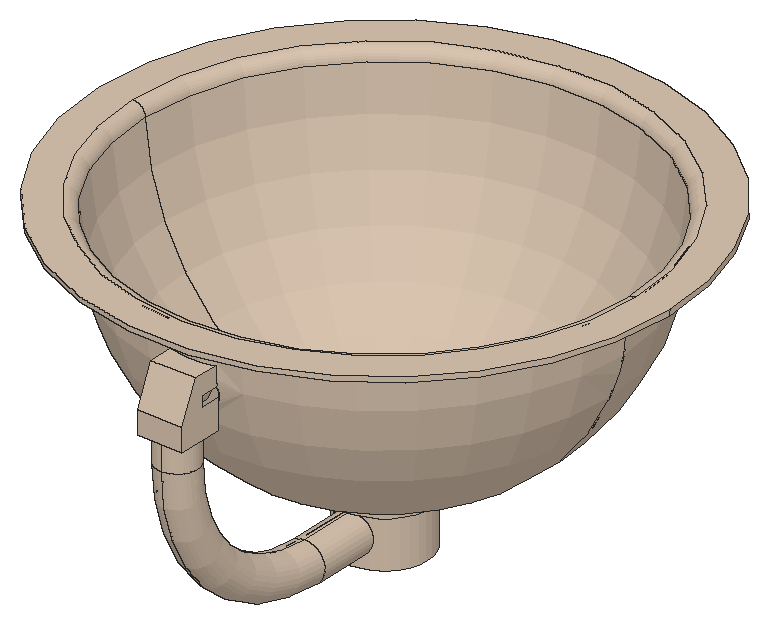
Revit family "equip-sink-undr-elkay-single-lustertone-ELUH12LV-CU", category Plumbing Fixtures, Revit 2019
Family settings
  Round Connector Dimension = Use Radius
  Part Type = Normal
  OmniClass Number = 23.45.05.14.14.27
  OmniClass Title = Service Sinks
  Work Plane-Based = No
  Always vertical = Yes
  Cut with Voids When Loaded = No
  Shared = No
  Room Calculation Point = No
Parameters
  URL = "www.elkayusa.com"
  Specification Sheet URL = "http://www.elkayusa.com/cps/rde/xbcr/elkay/1-457.pdf"
  Sink Width = 1' - 2 3/8"  # constant formula
  Sink Material = Metal - Copper
  Sink Length = 1' - 2 3/8"  # constant formula
  Sink Ledge Width = 0' - 1 3/16"  # constant formula
  Sink Depth = 0' - 6"  # constant formula
  Sanitary Flow Rate = 10 GPM
  OmniClass Title = "Service Sinks"
  OmniClass Number = "23.45.05.14.14.27"
  Nominal Radius = Nominal Dia / 2  # 0' - 0 3/4"
  Nominal Dia = 0' - 1 1/2"
  Model = "ELUH15LV-CU"  # constant formula
  MasterFormat Title = "Commercial Sinks"
  MasterFormat Number = "22.42.16.16"
  Manufacturer = "Elkay Manufacturing"  # constant formula
  Installation Sheet URL = ""
  Drain Location = Sink Width / 2  # 0' - 7 3/16"
  Description = "Lustertone Sink"  # constant formula
  Date Created = "2012-02-24"
  Bowl Width = Sink Width - (Sink Ledge Width * 2)  # 1' - 0"
  Bowl Length = Sink Length - (Sink Ledge Width * 2)  # 1' - 0"
  Assembly Code = "D2010440"
Reference planes (in)
  plane 1 "CL Sink Hole": y = 0.28063
  plane 2 "Top": z = 0
  plane 3 "Center (Left/Right)": x = 0
  plane 4 "Basin Edge Front": y = -5.6875
  plane 5 "drain return screen back": y = -5.75
  plane 6 "Drain Pipe Vert CL": y = -6.26172
  plane 7 "drain front fitting right": x = 0.5625
  plane 8 "drain front fitting left": x = -0.5625
  plane 9: y = -0.71937
  plane 10 "Bottom Sink Top Face": z = -5.95242
  plane 11: z = -0.0625
  plane 12: z = -0.12119
  plane 13: z = -6.0625
  plane 14: z = -1.98057
  plane 15: z = -1.61782
  plane 16: z = -6.38889
  plane 17 "Overflow Middle of Horizontal at Drain": z = -7.10764
  plane 18: z = -2.43315
  plane 19: z = -0.93315
  plane 20 "Masking Region": z = 1.25
  plane 21 "New Center": y = 0.28063
  plane 22 "Center (Front/Back)": y = 0.28063
  plane 23 "Back": y = 7.46813
  plane 24 "Front": y = -6.90687
  plane 25 "Right": x = 7.1875
  plane 26 "Left": x = -7.1875
Forms (in)
  Sweep 1, solid, material "Metal - Copper" <- "Sink Material"
    path origin (0, 0, -5.95242) x (-1, 0, 0) y (0, -1, 0)
      loop
        circle (0, -0.28063) r 0.84
    profile origin (0, -0.55937, -5.95242) x (0, 1, 0) y (0, 0, 1)
      loop
        line (0, -0.398) -> (-0.10022, -0.398)
        arc (-0.10022, -0.398) -> (-0.12446, -0.39311) -> (-0.14491, -0.37919) r 0.0625
        line (-0.14491, -0.37919) -> (-0.45181, -0.06528)
        arc (-0.45181, -0.06528) -> (-0.52878, -0.01893) -> (-0.61716, -0.00278) r 0.25
        line (-0.61716, -0.00278) -> (-0.61716, -0.04966)
        arc (-0.61716, -0.04966) -> (-0.54612, -0.06249) -> (-0.48405, -0.09936) r 0.20313
        line (-0.48405, -0.09936) -> (-0.17843, -0.41196)
        arc (-0.17843, -0.41196) -> (-0.14265, -0.43631) -> (-0.10022, -0.44488) r 0.10938
        line (-0.10022, -0.44488) -> (0, -0.44488) -> (0, -0.398)
  Extrusion 2, void
    sketch origin (0, 1.6875, 0.08193) x (1, 0, 0) y (0, 0, 1)
      loop
        circle (0, -1.63725) r 0.5771
    from 6.98167 to 7.88399
  Sweep 3, solid, material "Metal - Copper" <- "Sink Material"
    path origin (0, 0, -6.38889) x (0, -1, 0) y (1, 0, 0)
      loop
        circle (-0.28063, 0) r 1
    profile "profile-elkay-sink-drain-return : profile-elkay-sink-drain-return" origin (1, 0.28063, -6.38889) x (-1, 0, 0) y (0, 0, 1)
      loop
        line (-0.0625, -0.125) -> (-0.0625, -1.4375) -> (0, -1.4375) -> (0, 0) -> (-0.28125, 0) -> (-0.28125, -0.125) -> (-0.0625, -0.125)
  Sweep 4, solid, material "Metal - Copper" <- "Sink Material"
    path origin (0, -5.90968, -0.01295) x (-1, 0, 0) y (0, -0.190809, 0.981627)
      loop
        circle (0, -1.57753) r 0.5771
    profile "profile-elkay-sink-drain-front : profile-elkay-sink-drain-front" origin (0, -5.49856, -2.128) x (0, 0.190809, -0.981627) y (0, 0.981627, 0.190809)
      loop
        line (-0.21875, -0.0625) -> (0, -0.0625) -> (0, 0.0625) -> (-0.28125, 0.0625) -> (-0.28125, -0.4375) -> (-0.21875, -0.4375) -> (-0.21875, -0.0625)
  Extrusion 5, solid, material "Steel-Mesh"
    sketch origin (0, -5.90598, 0.01261) x (-1, 0, 0) y (0, -0.202268, 0.97933)
      loop
        circle (0, -1.59094) r 0.25
    from -0.0625 to 0
  Sweep 6, solid, material "Metal - Copper" <- "Sink Material"
    path origin (0, 0, 0.01943) x (0, 1, 0) y (0, 0, 1)
      loop
        line (-0.71937, -7.12707) -> (-2.23302, -7.12707)
        arc (-2.23302, -7.12707) -> (-5.08174, -5.94709) -> (-6.26172, -3.09837) r 4.0287
        line (-6.26172, -3.09837) -> (-6.26172, -2.45258)
    profile origin (0, -1.47619, -7.10764) x (0, 0, -1) y (1, 0, 0)
      loop
        circle (0, 0) r 0.5
      loop
        circle (0, 0) r 0.4375
  Extrusion 7, solid, material "Metal - Copper" <- "Sink Material"
    sketch origin (0, 0, 0.01943) x (0, 1, 0) y (0, 0, 1)
      loop
        line (-5.68622, -0.95258) -> (-6.81122, -0.95258) -> (-6.81122, -2.45258) -> (-5.68622, -2.45258) -> (-5.68622, -0.95258)
    from -0.5625 to 0.5625
  Extrusion 8, void
    sketch origin (0, 0, 0.01943) x (0, 1, 0) y (0, 0, 1)
      loop
        line (-6.18645, -0.50025) -> (-6.90221, -0.50025) -> (-6.90221, -2.0947) -> (-6.18645, -0.50025)
    from -0.5625 to 0.5625
  Sweep 9, solid, material "Metal - Copper" <- "Sink Material"
    path origin (0, 0.46875, 0) x (1, 0, 0) y (0, 1, 0)
      loop
        circle (0, -0.18812) r 7.1875
    profile origin (0, 7.46813, 0) x (0, -1, 0) y (0, 0, 1)
      loop
        line (0, 0) -> (0, -0.125) -> (0.83359, -0.125)
        arc (0.83359, -0.125) -> (0.9639, -0.17769) -> (1.02098, -0.30613) r 0.1875
        arc (1.02098, -0.30613) -> (2.40124, -3.98606) -> (5.72656, -6.0811) r 6.1566
        line (5.72656, -6.0811) -> (5.72656, -5.95242)
        arc (5.72656, -5.95242) -> (2.4886, -3.89536) -> (1.14591, -0.30189) r 6.0316
        arc (1.14591, -0.30189) -> (1.05078, -0.08781) -> (0.83359, 0) r 0.3125
        line (0.83359, 0) -> (0, 0)
  Extrusion 10, solid, material "Glass", not visible
    sketch origin (0, 0, -7.10764) x (0, 1, 0) y (-1, 0, 0)
      loop
        circle (0.28063, 0) r 0.75
    from 0 to 0.71875
Cuts and joins
  Extrusion 2, Extrusion 8 cuts Extrusion 7
  Extrusion 2 cuts Sweep 9
Lines and regions (in)
  Masking region 1
    outline origin (0, 0, 1.25) x (0, -1, 0) y (1, 0, 0)
      loop
        circle (-0.28063, 0) r 5.8125
  Masking region 2
    outline origin (0, 0, 0) x (1, 0, 0) y (0, 1, 0)
      loop
        circle (0, 0.28063) r 6
      loop
        circle (0, 0.28063) r 5.8125
  reference lines, not visible
    curve 1: line (0, -5.6875, -0.93315) -> (0, -5.39593, -2.43315)
    curve 2: circle (0, 0.28063, 0) r 0.84 normal (0, 0, 1)
    curve 3: circle (0, 0.28063, 0) r 1.45716 normal (0, 0, 1)
    curve 6: circle (0, 0.28063, -7.10764) r 0.75 normal (0, 0, 1)
  symbolic lines, style "Sinks"
    curve 4: circle (0, 0.28063, 1.25) r 0.84 normal (0, 0, 1)
    curve 5: circle (0, 0.28063, 1.25) r 1.45716 normal (0, 0, 1)
Dimensions and locks (in)
  locked: plane 5 "drain return screen back" to plane 4 "Basin Edge Front" at 0.0625
  locked: plane 1 "CL Sink Hole" to plane 9 at 1
  locked: plane 4 "Basin Edge Front" to plane 6 "Drain Pipe Vert CL" at 0.57422
  locked: plane 17 "Overflow Middle of Horizontal at Drain" to plane 16 at 0.71875
  locked: plane 15 to plane 18 at 0.81533
  locked: plane 19 to plane 18 at 1.5
  locked: Extrusion 8 to plane 15 at 1.137
  plane 8 "drain front fitting left" to plane 3 "Center (Left/Right)" to plane 7 "drain front fitting right" = 0' - 0 9/16" locked, 0' - 0 9/16" locked
  locked: plane 20 "Masking Region" to plane 2 "Top" at 1.25
  locked: plane 2 "Top" to plane 11 at 0.0625
  locked: plane 2 "Top" to plane 12 at 0.12119
  locked: plane 2 "Top" to plane 19 at 0.93315
  locked: plane 2 "Top" to plane 14 at 1.98057
  locked: plane 2 "Top" to plane 10 "Bottom Sink Top Face" at 5.95242
  plane 10 "Bottom Sink Top Face" to plane 13 = 0' - 0.11008"
  locked: plane 10 "Bottom Sink Top Face" to plane 16 at 0.43647
  locked: plane 22 "Center (Front/Back)" to plane 1 "CL Sink Hole"
  equal spacing: plane 26 "Left", plane 3 "Center (Left/Right)", plane 25 "Right"
  equal spacing: plane 23 "Back", plane 22 "Center (Front/Back)", plane 24 "Front"
  locked: plane 26 "Left" to plane 25 "Right" at 14.375
  locked: plane 23 "Back" to plane 24 "Front" at 14.375
  locked: plane 5 "drain return screen back" to plane 24 "Front" at 1.15687
  "Nominal Radius": radius of curve 6
  radius of curve 5 = 0' - 1.45716"
  aligned and locked: plane 18 to Sweep 6 sketch curve
  aligned and locked: Extrusion 7 to plane 18
  aligned and locked: plane 19 to Extrusion 7
  aligned and locked: Extrusion 10 sketch curve to curve 6
  aligned and locked: Extrusion 10 to plane 17 "Overflow Middle of Horizontal at Drain"
  aligned and locked: Extrusion 10 to plane 16
Automatic sketch dimensions
  curve 1 to plane 4 "Basin Edge Front" = 0' - 0"
  curve 1 to plane 18 = 0' - 0"
  curve 1 to plane 19 = 0' - 0"
  plane 4 "Basin Edge Front" to curve 1 = 0' - 0.29157"
  Extrusion 2 sketch curve to plane 3 "Center (Left/Right)" = 0' - 0"
  plane 15 to Extrusion 2 sketch curve = 0' - 0 1/16"
  plane 1 "CL Sink Hole" to Sweep 3 sketch curve = 0' - 0"
  Sweep 3 sketch curve to plane 3 "Center (Left/Right)" = 0' - 0"
  Sweep 4 sketch curve to plane 3 "Center (Left/Right)" = 0' - 0"
  Extrusion 5 sketch curve to plane 3 "Center (Left/Right)" = 0' - 0"
  Sweep 6 sketch curve to plane 6 "Drain Pipe Vert CL" = 0' - 0"
  Sweep 6 sketch curve to plane 17 "Overflow Middle of Horizontal at Drain" = 0' - 0"
  Sweep 6 sketch curve to plane 9 = 0' - 0"
  Sweep 6 sketch curve to plane 18 = 0' - 0.64579"
  Sweep 6 sketch curve to Sweep 6 sketch curve = 0' - 0"  (x2)
  Sweep 6 sketch curve to profile plane = 0' - 0"  (x2)
  Extrusion 7 sketch curve to plane 19 = 0' - 0"
  Extrusion 7 sketch curve to plane 18 = 0' - 0"
  plane 4 "Basin Edge Front" to Extrusion 7 sketch curve = 0' - 0.00128"
  Extrusion 8 sketch curve to plane 14 = 0' - 0.0947"
  plane 6 "Drain Pipe Vert CL" to Extrusion 8 sketch curve = 0' - 0.07527"
  Extrusion 8 sketch curve to plane 12 = 0' - 0.35963"
  Sweep 1 sketch curve to Sweep 1 sketch curve = 0' - 0"  (x4)
  Sweep 1 sketch curve to profile plane = 0' - 0"
  profile plane to Sweep 1 sketch curve = 0' - 0.10022"
  Sweep 1 sketch curve to Sweep 1 sketch curve = 0' - 0.04469"
  Sweep 1 sketch curve to Sweep 1 sketch curve = 0' - 0.03352"
  Sweep 1 sketch curve to plane 10 "Bottom Sink Top Face" = 0' - 0.06528"
  Sweep 1 sketch curve to Sweep 1 sketch curve = 0' - 0.30689"
  Sweep 1 sketch curve to plane 10 "Bottom Sink Top Face" = 0' - 0.09936"
  Sweep 1 sketch curve to Sweep 1 sketch curve = 0' - 0.03224"
  Sweep 1 sketch curve to plane 10 "Bottom Sink Top Face" = 0' - 0.00278"
  Sweep 1 sketch curve to Sweep 1 sketch curve = 0' - 0.13312"
  Sweep 1 sketch curve to plane 10 "Bottom Sink Top Face" = 0' - 0.3355"
  Sweep 1 sketch curve to Sweep 1 sketch curve = 0' - 0.04369"
  Sweep 1 sketch curve to Sweep 1 sketch curve = 0' - 0.03277"
  Extrusion 7 sketch curve to plane 6 "Drain Pipe Vert CL" = 0' - 0.5495"
  Extrusion 8 sketch curve to plane 6 "Drain Pipe Vert CL" = 0' - 0.64049"
  plane 1 "CL Sink Hole" to curve 5 = 0' - 0"
  curve 5 to plane 3 "Center (Left/Right)" = 0' - 0"
  curve 4 to curve 5 = 0' - 0"  (x2)
  plane 1 "CL Sink Hole" to Sweep 1 sketch curve = 0' - 0"
  Sweep 1 sketch curve to plane 3 "Center (Left/Right)" = 0' - 0"
  curve 2 to curve 3 = 0' - 0"  (x2)
  plane 1 "CL Sink Hole" to curve 3 = 0' - 0"
  curve 3 to plane 3 "Center (Left/Right)" = 0' - 0"
  plane 1 "CL Sink Hole" to curve 6 = 0' - 0"
  curve 6 to plane 3 "Center (Left/Right)" = 0' - 0"
  Sweep 9 sketch curve to plane 3 "Center (Left/Right)" = 0' - 0"
  Sweep 9 sketch curve to plane 21 "New Center" = 0' - 0"
  plane 1 "CL Sink Hole" to Masking region 1 sketch curve = 0' - 0"
  Masking region 1 sketch curve to plane 3 "Center (Left/Right)" = 0' - 0"
  Masking region 2 sketch curve to Masking region 2 sketch curve = 0' - 0"  (x2)
  plane 1 "CL Sink Hole" to Masking region 2 sketch curve = 0' - 0"
  Masking region 2 sketch curve to plane 3 "Center (Left/Right)" = 0' - 0"
  Sweep 9 sketch curve to profile plane = 0' - 0"
  level to Sweep 9 sketch curve = 0' - 0"
  Sweep 9 sketch curve to Sweep 9 sketch curve = 0' - 0.83359"
  Sweep 9 sketch curve to Sweep 9 sketch curve = 0' - 0"  (x5)
  Sweep 9 sketch curve to level = 0' - 0.09708"
  Sweep 9 sketch curve to Sweep 9 sketch curve = 0' - 0 1/8"
  Sweep 9 sketch curve to level = 0' - 0.30189"
  Sweep 9 sketch curve to Sweep 9 sketch curve = 0' - 0.12868"
  Sweep 9 sketch curve to Sweep 9 sketch curve = 0' - 0.12493"  (x2)
  radius of Extrusion 2 sketch curve = 0' - 0.5771"
  radius of Sweep 3 sketch curve = 0' - 1"
  radius of Sweep 4 sketch curve = 0' - 0.5771"
  radius of Extrusion 5 sketch curve = 0' - 0 1/4"
  radius of Sweep 6 sketch curve = 0' - 0 1/2"
  radius of Sweep 6 sketch curve = 0' - 0 7/16"
  radius of curve 5 = 0' - 1.45716"
  radius of curve 4 = 0' - 0.84"
  radius of Sweep 1 sketch curve = 0' - 0.84"
  radius of curve 2 = 0' - 0.84"
  radius of curve 3 = 0' - 1.45716"
  radius of Sweep 9 sketch curve = 0' - 7 3/16"
  radius of Masking region 1 sketch curve = 0' - 5 13/16"
  radius of Masking region 2 sketch curve = 0' - 6"
  radius of Masking region 2 sketch curve = 0' - 5 13/16"
Connectors (in)
  piping at (0, 0.28063, -6.38889), diameter 1.5, driven by "Nominal Radius", driven by "Sanitary Flow Rate"
    settings: on Extrusion 10, index 1, connector inside diameter 1 1/2", connector length 0' - 0", flow factor 0, pipe flow 10 GPM, pressure drop 0.00 psi, fitting loss kfactor 0, connector angle 0.00°, fixture units 0, engagement length 0' - 0", angle of deflection 0.00°, flow configuration 1, flow direction 2, fitting loss method 0, system type 16, joint type 0, gender type 0, connector reference index -1, connector utility 0, adjustable connector yes, is connector primary yes, connector description "Sink Drain"
